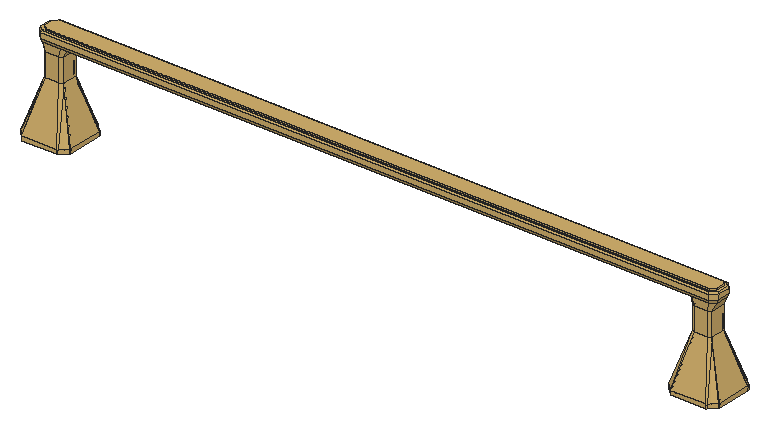
Revit family "Towel_Bar-DXV-Belshire-D35170240", category Specialty Equipment, host Face, Revit 2019
Family settings
  Host = Face
  Round Connector Dimension = Use Diameter
  Part Type = Normal
  OmniClass Number = 23.40.20.21.27
  OmniClass Title = Towel Bars
  Cut with Voids When Loaded = No
  Shared = Yes
  Room Calculation Point = No
Parameters (values of type "D35170240.427")
  Width = 24"
  URL = "https://www.dxv.com/en/"
  Type Comments = ""
  Product Page URL = "https://www.dxv.com/product/belshire-24in-towel-bar"
  Product Documentation Link = "https://dxv01.blob.core.windows.net/dxv-product-pdf-files/spec_D35170240_DXV_Belshire_24in_towelbar.pdf"
  Price = "Prices may vary. Please consult Manufacturer Representative for most up-to-date price list."  # constant formula
  Model = "D35170240.427"
  Material = "Metal-DXV-427-Satin Brass"
  Manufacturer = "DXV"
  Length = 3 9/16"
  Installation Type = "Wall Mount"
  Installation Instruction Link = "https://dxv01.blob.core.windows.net/dxv-product-pdf-files/spec_D35170240_DXV_Belshire_24in_towelbar.pdf"
  Height = 1 7/8"
  Finish = Metal-DXV-427-Satin Brass
  Description = "Belshire 24\" Towel Bar"
  Default Elevation = 40"
  Creation Date = "08/26/2021"  # constant formula
  Assembly Code = "C1030200"
Types (5): name | Product Page URL | Model | Material | Finish
  (no name) | "https://www.dxv.com/product/belshire-24in-towel-bar" | "D35170240.427" | "Metal-DXV-427-Satin Brass" | Metal-DXV-427-Satin Brass
  D35170240.100 | "https://www.dxv.com/product/belshire-24in-towel-bar" | "D35170240.100" | "Metal-DXV-100-Polished Chrome" | Metal-DXV-100-Polished Chrome
  D35170240.144 | "https://dxv01ahttps://www.dxv.com/product/belshire-24in-towel-bar.blob.core.windows.net/dxv-product-pdf-files/spec_D35170240_DXV_Belshire_24in_towelbar.pdf" | "D35170240.144" | "Metal-DXV-144-Brushed Nickel" | Metal-DXV-144-Brushed Nickel
  D35170240.150 | "https://www.dxv.com/product/belshire-24in-towel-bar" | "D35170240.150" | "Metal-DXV-150-Platinum Nickel" | Metal-DXV-150-Platinum Nickel
  D35170240.427 | "https://www.dxv.com/product/belshire-24in-towel-bar" | "D35170240.427" | "Metal-DXV-427-Satin Brass" | Metal-DXV-427-Satin Brass
Reference planes (in)
  plane 1 "Center (Front/Back)": y = 0
  plane 2: z = 0
  plane 3 "Center (Left/Right)": x = 0
  plane 4: y = 0.9375
  plane 5: y = -0.9375
  plane 6: y = 0.4375
  plane 7: y = -0.4375
  plane 8: z = 3.5625
  plane 9: x = 12
  plane 10: x = -12
  plane 11: x = -12.5625
  plane 12: x = 12.5625
  plane 13: z = 3.40444
  plane 14: x = -12.34818
  plane 15: x = -11.65182
  plane 16: x = -12.50287
  plane 17: y = -0.37787
  plane 18: y = 0.37787
  plane 19: y = -0.19405
  plane 20: y = 0.19405
  plane 21: x = -12.9375
  plane 22: x = -11.0625
  plane 23: x = 12.9375
  plane 24: x = 11.0625
Forms (in)
  Extrusion 1, solid, material "Metal-DXV-427-Satin Brass" <- "Finish"
    sketch origin (4.18172, 0, 0) x (1, 0, 0) y (0, 1, 0)
      loop
        line (-16.52547, 0.4375) -> (-16.74422, 0.21875) -> (-16.74422, -0.21875) -> (-16.52547, -0.4375) -> (8.16203, -0.4375) -> (8.38078, -0.21875) -> (8.38078, 0.21875) -> (8.16203, 0.4375) -> (-16.52547, 0.4375)
    from 3.5625 to 3.12732
  Sweep 2, void
    path in 3D
      loop
        line (-12.5625, 0.21875, 3.12732) -> (-12.34375, 0.4375, 3.12732) -> (0, 0.4375, 3.12732) -> (12.34375, 0.4375, 3.12732) -> (12.5625, 0.21875, 3.12732) -> (12.5625, -0.21875, 3.12732) -> (12.34375, -0.4375, 3.12732) -> (0, -0.4375, 3.12732) -> (-12.34375, -0.4375, 3.12732) -> (-12.5625, -0.21875, 3.12732) -> (-12.5625, 0.21875, 3.12732)
    profile origin (-12.5625, 0, 3.12732) x (1, 0, 0) y (0, 0, -1)
      loop
        line (0, 0) -> (0, -0.11906) -> (0.05963, 0) -> (0, 0)
  Blend 3, solid, material "Metal-DXV-427-Satin Brass" <- "Finish"
    base sketch origin (-12, -0.00027, -0.125) x (0, -1, 0) y (1, 0, 0)
      loop
        arc (0.65019, -0.9375) -> (0.66554, -0.93318) -> (0.67639, -0.92147) r 0.02944
        arc (0.67639, -0.92147) -> (0.77954, -0.77973) -> (0.92124, -0.67651) r 0.56391
        arc (0.92124, -0.67651) -> (0.93311, -0.6655) -> (0.9375, -0.64991) r 0.0299
        line (0.9375, -0.64991) -> (0.9375, 0.65173)
        arc (0.9375, 0.65173) -> (0.93393, 0.66652) -> (0.92401, 0.67806) r 0.03245
        arc (0.92401, 0.67806) -> (0.79115, 0.79103) -> (0.67817, 0.92386) r 1.08225
        arc (0.67817, 0.92386) -> (0.6665, 0.93389) -> (0.65154, 0.9375) r 0.03281
        line (0.65154, 0.9375) -> (-0.65111, 0.9375)
        arc (-0.65111, 0.9375) -> (-0.66593, 0.93351) -> (-0.67674, 0.92261) r 0.02951
        arc (-0.67674, 0.92261) -> (-0.78244, 0.78387) -> (-0.92086, 0.67775) r 0.65853
        arc (-0.92086, 0.67775) -> (-0.93304, 0.66561) -> (-0.9375, 0.649) r 0.03315
        line (-0.9375, 0.649) -> (-0.9375, -0.65067)
        arc (-0.9375, -0.65067) -> (-0.93351, -0.66605) -> (-0.92254, -0.67755) r 0.03165
        arc (-0.92254, -0.67755) -> (-0.7857, -0.78611) -> (-0.67725, -0.92303) r 0.76023
        arc (-0.67725, -0.92303) -> (-0.66614, -0.93364) -> (-0.65126, -0.9375) r 0.03058
        line (-0.65126, -0.9375) -> (0.65019, -0.9375)
    top sketch origin (-12, -0.00027, -0.125) x (0, -1, 0) y (1, 0, 0)
      loop
        arc (0.2772, -0.34818) -> (0.29489, -0.28952) -> (0.34008, -0.24814) r 0.11556
        line (0.34008, -0.24814) -> (0.34008, 0.24814)
        arc (0.34008, 0.24814) -> (0.29489, 0.28952) -> (0.2772, 0.34818) r 0.11556
        line (0.2772, 0.34818) -> (-0.27774, 0.34818)
        arc (-0.27774, 0.34818) -> (-0.30021, 0.28248) -> (-0.35629, 0.24152) r 0.11556
        line (-0.35629, 0.24152) -> (-0.35629, -0.24152)
        arc (-0.35629, -0.24152) -> (-0.30021, -0.28248) -> (-0.27774, -0.34818) r 0.11556
        line (-0.27774, -0.34818) -> (0.2772, -0.34818)
    from 0.26611 to 2.09333
  Extrusion 4, solid, material "Metal-DXV-427-Satin Brass" <- "Finish"
    sketch origin (-12, 0.00027, -0.21262) x (0, -1, 0) y (1, 0, 0)
      loop
        line (0.65208, 0.9375) -> (-0.65058, 0.9375)
        arc (-0.65058, 0.9375) -> (-0.6654, 0.93351) -> (-0.67621, 0.92261) r 0.02951
        arc (-0.67621, 0.92261) -> (-0.78191, 0.78387) -> (-0.92032, 0.67775) r 0.65853
        arc (-0.92032, 0.67775) -> (-0.9325, 0.66561) -> (-0.93696, 0.649) r 0.03315
        line (-0.93696, 0.649) -> (-0.93696, -0.65067)
        arc (-0.93696, -0.65067) -> (-0.93297, -0.66605) -> (-0.92201, -0.67755) r 0.03165
        arc (-0.92201, -0.67755) -> (-0.78517, -0.78611) -> (-0.67672, -0.92303) r 0.76023
        arc (-0.67672, -0.92303) -> (-0.6656, -0.93364) -> (-0.65072, -0.9375) r 0.03058
        line (-0.65072, -0.9375) -> (0.65072, -0.9375)
        arc (0.65072, -0.9375) -> (0.66608, -0.93318) -> (0.67693, -0.92147) r 0.02944
        arc (0.67693, -0.92147) -> (0.78008, -0.77973) -> (0.92177, -0.67651) r 0.56391
        arc (0.92177, -0.67651) -> (0.93365, -0.6655) -> (0.93804, -0.64991) r 0.0299
        line (0.93804, -0.64991) -> (0.93804, 0.65173)
        arc (0.93804, 0.65173) -> (0.93447, 0.66652) -> (0.92455, 0.67806) r 0.03245
        arc (0.92455, 0.67806) -> (0.79169, 0.79103) -> (0.67871, 0.92386) r 1.08225
        arc (0.67871, 0.92386) -> (0.66704, 0.93389) -> (0.65208, 0.9375) r 0.03281
    from 0.21262 to 0.35373
  Blend 5, solid, material "Metal-DXV-427-Satin Brass" <- "Finish"
    base sketch origin (0, 0, 5.64637) x (0, -1, 0) y (1, 0, 0)
      loop
        arc (-0.35602, -12.24152) -> (-0.29995, -12.28248) -> (-0.27747, -12.34818) r 0.11556
        line (-0.27747, -12.34818) -> (0.27747, -12.34818)
        arc (0.27747, -12.34818) -> (0.29515, -12.28952) -> (0.34034, -12.24814) r 0.11556
        line (0.34034, -12.24814) -> (0.34034, -11.75186)
        arc (0.34034, -11.75186) -> (0.29515, -11.71048) -> (0.27747, -11.65182) r 0.11556
        line (0.27747, -11.65182) -> (-0.27747, -11.65182)
        arc (-0.27747, -11.65182) -> (-0.29995, -11.71752) -> (-0.35602, -11.75848) r 0.11556
        line (-0.35602, -11.75848) -> (-0.35602, -12.24152)
    top sketch origin (0, 0, 5.64637) x (0, -1, 0) y (1, 0, 0)
      loop
        line (-0.37787, -12.31905) -> (-0.19405, -12.50287) -> (0.19405, -12.50287) -> (0.37787, -12.31905) -> (0.37787, -11.68095) -> (0.19978, -11.50287) -> (-0.19978, -11.50287) -> (-0.37787, -11.68095) -> (-0.37787, -12.31905)
    from -2.82481 to -2.51905
  Sweep 6, void
    path in 3D
      loop
        line (-12.5625, 0.21875, 3.5625) -> (-12.34375, 0.4375, 3.5625) -> (0, 0.4375, 3.5625) -> (12.34375, 0.4375, 3.5625) -> (12.5625, 0.21875, 3.5625) -> (12.5625, -0.21875, 3.5625) -> (12.34375, -0.4375, 3.5625) -> (0, -0.4375, 3.5625) -> (-12.34375, -0.4375, 3.5625) -> (-12.5625, -0.21875, 3.5625) -> (-12.5625, 0.21875, 3.5625)
    profile origin (-12.5625, 0, 3.5625) x (-1, 0, 0) y (0, 0, 1)
      loop
        line (-0.03553, -0.04814) -> (0, -0.11906) -> (0, 0) -> (-0.12734, 0) -> (-0.12734, -0.04814) -> (-0.03553, -0.04814)
  Blend 7, solid, material "Metal-DXV-427-Satin Brass" <- "Finish"
    base sketch origin (0, 0, 0) x (1, 0, 0) y (0, 1, 0)
      loop
        arc (-12.34818, -0.27747) -> (-12.28952, -0.29515) -> (-12.24814, -0.34034) r 0.11556
        line (-12.24814, -0.34034) -> (-11.75186, -0.34034)
        arc (-11.75186, -0.34034) -> (-11.71048, -0.29515) -> (-11.65182, -0.27747) r 0.11556
        line (-11.65182, -0.27747) -> (-11.65182, 0.27747)
        arc (-11.65182, 0.27747) -> (-11.71752, 0.29995) -> (-11.75848, 0.35602) r 0.11556
        line (-11.75848, 0.35602) -> (-12.24152, 0.35602)
        arc (-12.24152, 0.35602) -> (-12.28248, 0.29995) -> (-12.34818, 0.27747) r 0.11556
        line (-12.34818, 0.27747) -> (-12.34818, -0.27747)
    top sketch origin (0, 0, 0) x (1, 0, 0) y (0, 1, 0)
      loop
        arc (-11.75186, -0.34034) -> (-11.71048, -0.29515) -> (-11.65182, -0.27747) r 0.11556
        line (-11.65182, -0.27747) -> (-11.65182, 0.27747)
        arc (-11.65182, 0.27747) -> (-11.71752, 0.29995) -> (-11.75848, 0.35602) r 0.11556
        line (-11.75848, 0.35602) -> (-12.24152, 0.35602)
        arc (-12.24152, 0.35602) -> (-12.28248, 0.29995) -> (-12.34818, 0.27747) r 0.11556
        line (-12.34818, 0.27747) -> (-12.34818, -0.27747)
        arc (-12.34818, -0.27747) -> (-12.28952, -0.29515) -> (-12.24814, -0.34034) r 0.11556
        line (-12.24814, -0.34034) -> (-11.75186, -0.34034)
    from 1.96833 to 2.82156
  Blend 8, solid, material "Metal-DXV-427-Satin Brass" <- "Finish"
    base sketch origin (12, -0.00027, -0.125) x (0, -1, 0) y (1, 0, 0)
      loop
        line (0.65019, 0.9375) -> (-0.65126, 0.9375)
        arc (-0.65126, 0.9375) -> (-0.66614, 0.93364) -> (-0.67725, 0.92303) r 0.03058
        arc (-0.67725, 0.92303) -> (-0.7857, 0.78611) -> (-0.92254, 0.67755) r 0.76023
        arc (-0.92254, 0.67755) -> (-0.93351, 0.66605) -> (-0.9375, 0.65067) r 0.03165
        line (-0.9375, 0.65067) -> (-0.9375, -0.649)
        arc (-0.9375, -0.649) -> (-0.93304, -0.66561) -> (-0.92086, -0.67775) r 0.03315
        arc (-0.92086, -0.67775) -> (-0.78244, -0.78387) -> (-0.67674, -0.92261) r 0.65853
        arc (-0.67674, -0.92261) -> (-0.66593, -0.93351) -> (-0.65111, -0.9375) r 0.02951
        line (-0.65111, -0.9375) -> (0.65154, -0.9375)
        arc (0.65154, -0.9375) -> (0.6665, -0.93389) -> (0.67817, -0.92386) r 0.03281
        arc (0.67817, -0.92386) -> (0.79115, -0.79103) -> (0.92401, -0.67806) r 1.08225
        arc (0.92401, -0.67806) -> (0.93393, -0.66652) -> (0.9375, -0.65173) r 0.03245
        line (0.9375, -0.65173) -> (0.9375, 0.64991)
        arc (0.9375, 0.64991) -> (0.93311, 0.6655) -> (0.92124, 0.67651) r 0.0299
        arc (0.92124, 0.67651) -> (0.77954, 0.77973) -> (0.67639, 0.92147) r 0.56391
        arc (0.67639, 0.92147) -> (0.66554, 0.93318) -> (0.65019, 0.9375) r 0.02944
    top sketch origin (12, -0.00027, -0.125) x (0, -1, 0) y (1, 0, 0)
      loop
        line (0.2772, 0.34818) -> (-0.27774, 0.34818)
        arc (-0.27774, 0.34818) -> (-0.30021, 0.28248) -> (-0.35629, 0.24152) r 0.11556
        line (-0.35629, 0.24152) -> (-0.35629, -0.24152)
        arc (-0.35629, -0.24152) -> (-0.30021, -0.28248) -> (-0.27774, -0.34818) r 0.11556
        line (-0.27774, -0.34818) -> (0.2772, -0.34818)
        arc (0.2772, -0.34818) -> (0.29489, -0.28952) -> (0.34008, -0.24814) r 0.11556
        line (0.34008, -0.24814) -> (0.34008, 0.24814)
        arc (0.34008, 0.24814) -> (0.29489, 0.28952) -> (0.2772, 0.34818) r 0.11556
    from 0.26611 to 2.09333
  Extrusion 9, solid, material "Metal-DXV-427-Satin Brass" <- "Finish"
    sketch origin (12, 0.00027, -0.21262) x (0, -1, 0) y (1, 0, 0)
      loop
        arc (0.65208, -0.9375) -> (0.66704, -0.93389) -> (0.67871, -0.92386) r 0.03281
        arc (0.67871, -0.92386) -> (0.79169, -0.79103) -> (0.92455, -0.67806) r 1.08225
        arc (0.92455, -0.67806) -> (0.93447, -0.66652) -> (0.93804, -0.65173) r 0.03245
        line (0.93804, -0.65173) -> (0.93804, 0.64991)
        arc (0.93804, 0.64991) -> (0.93365, 0.6655) -> (0.92177, 0.67651) r 0.0299
        arc (0.92177, 0.67651) -> (0.78008, 0.77973) -> (0.67693, 0.92147) r 0.56391
        arc (0.67693, 0.92147) -> (0.66608, 0.93318) -> (0.65072, 0.9375) r 0.02944
        line (0.65072, 0.9375) -> (-0.65072, 0.9375)
        arc (-0.65072, 0.9375) -> (-0.6656, 0.93364) -> (-0.67672, 0.92303) r 0.03058
        arc (-0.67672, 0.92303) -> (-0.78517, 0.78611) -> (-0.92201, 0.67755) r 0.76023
        arc (-0.92201, 0.67755) -> (-0.93297, 0.66605) -> (-0.93696, 0.65067) r 0.03165
        line (-0.93696, 0.65067) -> (-0.93696, -0.649)
        arc (-0.93696, -0.649) -> (-0.9325, -0.66561) -> (-0.92032, -0.67775) r 0.03315
        arc (-0.92032, -0.67775) -> (-0.78191, -0.78387) -> (-0.67621, -0.92261) r 0.65853
        arc (-0.67621, -0.92261) -> (-0.6654, -0.93351) -> (-0.65058, -0.9375) r 0.02951
        line (-0.65058, -0.9375) -> (0.65208, -0.9375)
    from 0.21262 to 0.35373
  Blend 10, solid, material "Metal-DXV-427-Satin Brass" <- "Finish"
    base sketch origin (0, 0, 5.64637) x (0, 1, 0) y (-1, 0, 0)
      loop
        line (0.35602, -12.24152) -> (0.35602, -11.75848)
        arc (0.35602, -11.75848) -> (0.29995, -11.71752) -> (0.27747, -11.65182) r 0.11556
        line (0.27747, -11.65182) -> (-0.27747, -11.65182)
        arc (-0.27747, -11.65182) -> (-0.29515, -11.71048) -> (-0.34034, -11.75186) r 0.11556
        line (-0.34034, -11.75186) -> (-0.34034, -12.24814)
        arc (-0.34034, -12.24814) -> (-0.29515, -12.28952) -> (-0.27747, -12.34818) r 0.11556
        line (-0.27747, -12.34818) -> (0.27747, -12.34818)
        arc (0.27747, -12.34818) -> (0.29995, -12.28248) -> (0.35602, -12.24152) r 0.11556
    top sketch origin (0, 0, 5.64637) x (0, 1, 0) y (-1, 0, 0)
      loop
        line (0.37787, -12.31905) -> (0.37787, -11.68095) -> (0.19978, -11.50287) -> (-0.19978, -11.50287) -> (-0.37787, -11.68095) -> (-0.37787, -12.31905) -> (-0.19405, -12.50287) -> (0.19405, -12.50287) -> (0.37787, -12.31905)
    from -2.82481 to -2.51905
  Blend 11, solid, material "Metal-DXV-427-Satin Brass" <- "Finish"
    base sketch origin (0, 0, 0) x (-1, 0, 0) y (0, -1, 0)
      loop
        line (-12.34818, 0.27747) -> (-12.34818, -0.27747)
        arc (-12.34818, -0.27747) -> (-12.28248, -0.29995) -> (-12.24152, -0.35602) r 0.11556
        line (-12.24152, -0.35602) -> (-11.75848, -0.35602)
        arc (-11.75848, -0.35602) -> (-11.71752, -0.29995) -> (-11.65182, -0.27747) r 0.11556
        line (-11.65182, -0.27747) -> (-11.65182, 0.27747)
        arc (-11.65182, 0.27747) -> (-11.71048, 0.29515) -> (-11.75186, 0.34034) r 0.11556
        line (-11.75186, 0.34034) -> (-12.24814, 0.34034)
        arc (-12.24814, 0.34034) -> (-12.28952, 0.29515) -> (-12.34818, 0.27747) r 0.11556
    top sketch origin (0, 0, 0) x (-1, 0, 0) y (0, -1, 0)
      loop
        line (-11.75186, 0.34034) -> (-12.24814, 0.34034)
        arc (-12.24814, 0.34034) -> (-12.28952, 0.29515) -> (-12.34818, 0.27747) r 0.11556
        line (-12.34818, 0.27747) -> (-12.34818, -0.27747)
        arc (-12.34818, -0.27747) -> (-12.28248, -0.29995) -> (-12.24152, -0.35602) r 0.11556
        line (-12.24152, -0.35602) -> (-11.75848, -0.35602)
        arc (-11.75848, -0.35602) -> (-11.71752, -0.29995) -> (-11.65182, -0.27747) r 0.11556
        line (-11.65182, -0.27747) -> (-11.65182, 0.27747)
        arc (-11.65182, 0.27747) -> (-11.71048, 0.29515) -> (-11.75186, 0.34034) r 0.11556
    from 1.96833 to 2.82156
Cuts and joins
  Sweep 2, Sweep 6 cuts Extrusion 1
  joined: Extrusion 1, Blend 3, Extrusion 4, Blend 5, Blend 7
Lines and regions (in)
  Masking region 1
    outline origin (0, 0, 0) x (1, 0, 0) y (0, 0, 1)
      loop
        line (11.0625, 0) -> (12.9375, 0) -> (12.9375, 0.14111) -> (12.34818, 1.96833) -> (12.34818, 2.82156) -> (12.50287, 3.12732) -> (12.5625, 3.24638) -> (12.5625, 3.44344) -> (12.52697, 3.51436) -> (12.43516, 3.51436) -> (12.43516, 3.5625) -> (-12.43516, 3.5625) -> (-12.43516, 3.51436) -> (-12.52697, 3.51436) -> (-12.5625, 3.44344) -> (-12.5625, 3.24638) -> (-12.50287, 3.12732) -> (-12.34818, 2.82156) -> (-12.34818, 1.96833) -> (-12.9375, 0.14111) -> (-12.9375, 0) -> (-11.0625, 0) -> (-11.0625, 0.14111) -> (-11.65182, 1.96833) -> (-11.65182, 2.82156) -> (-11.50287, 3.12732) -> (11.50141, 3.12732) -> (11.65219, 2.82928) -> (11.65219, 1.96948) -> (11.0625, 0.14111) -> (11.0625, 0)
  sketch lines
    curve 1: line (-12.5625, -0.21875, 3.12732) -> (-12.5625, 0.21875, 3.12732)
    curve 2: line (-12.34375, -0.4375, 3.12732) -> (-12.5625, -0.21875, 3.12732)
    curve 3: line (12.34375, -0.4375, 3.12732) -> (0, -0.4375, 3.12732)
    curve 4: line (0, -0.4375, 3.12732) -> (-12.34375, -0.4375, 3.12732)
    curve 5: line (-12.5625, 0.21875, 3.12732) -> (-12.34375, 0.4375, 3.12732)
    curve 6: line (-12.34375, 0.4375, 3.12732) -> (0, 0.4375, 3.12732)
    curve 7: line (0, 0.4375, 3.12732) -> (12.34375, 0.4375, 3.12732)
    curve 8: line (12.34375, 0.4375, 3.12732) -> (12.5625, 0.21875, 3.12732)
    curve 9: line (12.5625, 0.21875, 3.12732) -> (12.5625, -0.21875, 3.12732)
    curve 10: line (12.5625, -0.21875, 3.12732) -> (12.34375, -0.4375, 3.12732)
    curve 11: line (-12.5625, -0.21875, 3.5625) -> (-12.5625, 0.21875, 3.5625)
    curve 12: line (-12.34375, -0.4375, 3.5625) -> (-12.5625, -0.21875, 3.5625)
    curve 13: line (12.34375, -0.4375, 3.5625) -> (0, -0.4375, 3.5625)
    curve 14: line (0, -0.4375, 3.5625) -> (-12.34375, -0.4375, 3.5625)
    curve 15: line (-12.5625, 0.21875, 3.5625) -> (-12.34375, 0.4375, 3.5625)
    curve 16: line (-12.34375, 0.4375, 3.5625) -> (0, 0.4375, 3.5625)
    curve 17: line (0, 0.4375, 3.5625) -> (12.34375, 0.4375, 3.5625)
    curve 18: line (12.34375, 0.4375, 3.5625) -> (12.5625, 0.21875, 3.5625)
    curve 19: line (12.5625, 0.21875, 3.5625) -> (12.5625, -0.21875, 3.5625)
    curve 20: line (12.5625, -0.21875, 3.5625) -> (12.34375, -0.4375, 3.5625)
  symbolic lines, detail levels medium+fine
    curve 21: line (12.50287, 0, 3.12732) -> (11.50287, 0, 3.12732)
    curve 22: line (-12.50287, 0, 3.12732) -> (-11.50287, 0, 3.12732)
    curve 23: line (-11.0625, 0, 0.14111) -> (-12.9375, 0, 0.14111)
    curve 24: line (12.9375, 0, 0.14111) -> (11.0625, 0, 0.14111)
    curve 25: line (12.34818, 0, 2.82156) -> (11.65182, 0, 2.82156)
    curve 26: line (-12.34818, 0, 2.82156) -> (-11.65182, 0, 2.82156)
  symbolic lines, detail levels fine
    curve 27: line (-12.52697, 0, 3.51436) -> (12.52697, 0, 3.51436)
    curve 28: line (12.5625, 0, 3.24638) -> (-12.5625, 0, 3.24638)
    curve 29: line (-11.75848, 0, 1.96833) -> (-11.75848, 0, 2.82156)
    curve 30: line (-12.24152, 0, 1.96833) -> (-12.24152, 0, 2.82156)
    curve 31: line (-11.351, 0, 0.14111) -> (-11.75848, 0, 1.96833)
    curve 32: line (-12.65067, 0, 0.14111) -> (-12.24152, 0, 1.96833)
    curve 33: line (-11.68095, 0, 3.12732) -> (-11.75848, 0, 2.82156)
    curve 34: line (-12.24152, 0, 2.82156) -> (-12.31905, 0, 3.12732)
    curve 35: line (12.24152, 0, 2.82156) -> (12.24152, 0, 1.96833)
    curve 36: line (12.24152, 0, 1.96833) -> (12.65067, 0, 0.14111)
    curve 37: line (11.75848, 0, 1.96833) -> (11.351, 0, 0.14111)
    curve 38: line (11.75848, 0, 2.82156) -> (11.75848, 0, 1.96833)
    curve 39: line (12.31905, 0, 3.12732) -> (12.24152, 0, 2.82156)
    curve 40: line (11.75848, 0, 2.82156) -> (11.68095, 0, 3.12732)
Dimensions and locks (in)
  equal spacing: plane 4, plane 1 "Center (Front/Back)", plane 5
  "Height": plane 4 to plane 5
  equal spacing: plane 7, plane 1 "Center (Front/Back)", plane 6
  locked: plane 6 to plane 7 at 0.875
  "Length": plane 2 to plane 8
  "Width": plane 10 to plane 9
  "Width": plane 9 to plane 10
  locked: plane 11 to plane 12 at 25.125
  plane 12 to plane 11 = 25 1/8"
  locked: plane 21 to plane 10 at 0.9375
  locked: plane 24 to plane 23 at 1.875
  locked: Extrusion 9 to Extrusion 9 at 1.875
  locked: cut or joined group of Extrusion 1, Sweep 2, Blend 3, Extrusion 4, Blend 5, Sweep 6, Blend 7 to cut or joined group of Extrusion 1, Sweep 2, Blend 3, Extrusion 4, Blend 5, Sweep 6, Blend 7 at 1.875
  locked: plane 21 to plane 22 at 1.875
  aligned and locked: plane 2 to host face
  aligned and locked: level to host face
  aligned and locked: Extrusion 1 sketch curve to plane 6
  aligned and locked: Extrusion 1 sketch curve to plane 7
  aligned and locked: plane 11 to Extrusion 1 sketch curve
  aligned and locked: Extrusion 1 sketch curve to plane 12
  aligned and locked: Blend 7 to Blend 5
  aligned and locked: Blend 7 to Blend 3
  aligned and locked: Extrusion 4 sketch curve to Blend 3  (x12)
  aligned and locked: Blend 10 to Blend 11
  aligned and locked: Blend 8 to Blend 11
  aligned and locked: Extrusion 9 sketch curve to Blend 8  (x12)
  aligned and locked: Extrusion 9 to Masking region 1 sketch curve
  aligned and locked: Masking region 1 sketch curve to cut or joined group of Extrusion 1, Sweep 2, Blend 3, Extrusion 4, Blend 5, Sweep 6, Blend 7  (x14)
  aligned and locked: cut or joined group of Extrusion 1, Sweep 2, Blend 3, Extrusion 4, Blend 5, Sweep 6, Blend 7 to Masking region 1 sketch curve  (x2)
  aligned and locked: curve 21 to Blend 10
  aligned and locked: curve 22 to cut or joined group of Extrusion 1, Sweep 2, Blend 3, Extrusion 4, Blend 5, Sweep 6, Blend 7
  aligned and locked: curve 24 to Extrusion 9
  aligned and locked: curve 25 to Blend 11
  aligned and locked: curve 27 to cut or joined group of Extrusion 1, Sweep 2, Blend 3, Extrusion 4, Blend 5, Sweep 6, Blend 7
  aligned and locked: curve 28 to cut or joined group of Extrusion 1, Sweep 2, Blend 3, Extrusion 4, Blend 5, Sweep 6, Blend 7
  aligned and locked: curve 29 to cut or joined group of Extrusion 1, Sweep 2, Blend 3, Extrusion 4, Blend 5, Sweep 6, Blend 7
  aligned and locked: curve 30 to cut or joined group of Extrusion 1, Sweep 2, Blend 3, Extrusion 4, Blend 5, Sweep 6, Blend 7
  aligned and locked: curve 31 to cut or joined group of Extrusion 1, Sweep 2, Blend 3, Extrusion 4, Blend 5, Sweep 6, Blend 7
  aligned and locked: curve 32 to cut or joined group of Extrusion 1, Sweep 2, Blend 3, Extrusion 4, Blend 5, Sweep 6, Blend 7
  aligned and locked: curve 33 to cut or joined group of Extrusion 1, Sweep 2, Blend 3, Extrusion 4, Blend 5, Sweep 6, Blend 7
  aligned and locked: curve 34 to cut or joined group of Extrusion 1, Sweep 2, Blend 3, Extrusion 4, Blend 5, Sweep 6, Blend 7
  aligned and locked: curve 35 to Blend 11
  aligned and locked: curve 36 to Blend 8
  aligned and locked: curve 37 to Blend 8
  aligned and locked: curve 38 to Blend 11
  aligned and locked: curve 39 to Blend 10
  aligned and locked: curve 40 to Blend 10
  aligned and locked: curve 26 to cut or joined group of Extrusion 1, Sweep 2, Blend 3, Extrusion 4, Blend 5, Sweep 6, Blend 7
  aligned and locked: Blend 8 sketch curve to plane 24
  aligned and locked: Blend 8 sketch curve to plane 23
  aligned and locked: plane 21 to Blend 3 sketch curve
  aligned and locked: plane 22 to Blend 3 sketch curve
  aligned and locked: Masking region 1 sketch curve to Blend 8
  aligned and locked: Masking region 1 sketch curve to curve 24
  aligned and locked: Masking region 1 sketch curve to curve 23
Automatic sketch dimensions
  host sketch curve to host sketch curve = 96"  (x2)
  Extrusion 1 sketch curve to plane 14 = 0.00443"  (x2)
  Extrusion 1 sketch curve to plane 12 = 7/32"  (x2)
  plane 19 to Extrusion 1 sketch curve = 0.0247"  (x2)
  Extrusion 1 sketch curve to plane 20 = 0.0247"  (x2)
  profile plane to Sweep 2 sketch curve = 0"
  Sweep 2 sketch curve to profile plane = 0"
  Sweep 2 sketch curve to profile plane = 0.05963"
  Sweep 2 sketch curve to profile plane = 0.11906"
  plane 4 to Blend 3 sketch curve = 0.3857"
  plane 4 to Blend 3 sketch curve = 0.31104"
  Blend 3 sketch curve to plane 4 = 0.00027"
  Blend 3 sketch curve to Blend 3 sketch curve = 0.03165"
  Blend 3 sketch curve to Blend 3 sketch curve = 0.03315"
  plane 6 to Blend 3 sketch curve = 0.21349"
  plane 6 to Blend 3 sketch curve = 0.21334"
  Blend 3 sketch curve to plane 7 = 0.21295"
  Blend 3 sketch curve to plane 7 = 0.21431"
  plane 5 to Blend 3 sketch curve = 0.03219"
  plane 5 to Blend 3 sketch curve = 0.02963"
  Blend 3 sketch curve to plane 5 = 0.00027"
  Blend 3 sketch curve to plane 5 = 0.24115"
  Blend 3 sketch curve to plane 5 = 0.61912"
  Blend 3 sketch curve to plane 11 = 0.76097"
  Blend 3 sketch curve to plane 11 = 0.61588"
  Blend 3 sketch curve to Blend 3 sketch curve = 0.02944"
  Blend 3 sketch curve to Blend 3 sketch curve = 0.03058"
  Blend 3 sketch curve to plane 11 = 0.08817"
  Blend 3 sketch curve to plane 11 = 0.08741"
  plane 15 to Blend 3 sketch curve = 0.30082"
  Blend 3 sketch curve to Blend 3 sketch curve = 0.25296"
  Blend 3 sketch curve to Blend 3 sketch curve = 0.259"
  Blend 3 sketch curve to Blend 3 sketch curve = 0.03281"
  Blend 3 sketch curve to Blend 3 sketch curve = 0.31131"
  Blend 3 sketch curve to Blend 3 sketch curve = 0.90463"
  Blend 3 sketch curve to Blend 3 sketch curve = 0"  (x4)
  Blend 3 sketch curve to plane 14 = 0"
  Blend 3 sketch curve to plane 15 = 0"
  plane 15 to Blend 3 sketch curve = 0.00283"  (x2)
  Blend 3 sketch curve to plane 18 = 0.01513"  (x2)
  plane 14 to Blend 3 sketch curve = 0.00283"  (x2)
  plane 18 to Blend 3 sketch curve = 0.02185"
  Blend 3 sketch curve to plane 20 = 0.08342"  (x2)
  plane 19 to Blend 3 sketch curve = 0.08342"  (x2)
  Blend 3 sketch curve to plane 17 = 0.03752"
  plane 17 to Blend 3 sketch curve = 0.01513"  (x2)
  Blend 5 sketch curve to plane 14 = 0"
  Blend 5 sketch curve to plane 15 = 0"
  plane 15 to Blend 5 sketch curve = 0.00283"  (x2)
  Blend 5 sketch curve to plane 18 = 0.01513"  (x2)
  plane 14 to Blend 5 sketch curve = 0.00283"  (x2)
  plane 18 to Blend 5 sketch curve = 0.02185"
  Blend 5 sketch curve to plane 20 = 0.08342"  (x2)
  plane 19 to Blend 5 sketch curve = 0.08342"  (x2)
  Blend 5 sketch curve to plane 17 = 0.03752"
  plane 17 to Blend 5 sketch curve = 0.01513"  (x2)
  plane 18 to Blend 5 sketch curve = 0"
  Blend 5 sketch curve to plane 16 = 0"
  plane 20 to Blend 5 sketch curve = 0"
  plane 19 to Blend 5 sketch curve = 0"
  plane 17 to Blend 5 sketch curve = 0"
  Blend 5 sketch curve to plane 20 = 0.00573"
  plane 19 to Blend 5 sketch curve = 0.00573"
  Blend 5 sketch curve to plane 14 = 0.02913"  (x2)
  Blend 5 sketch curve to plane 15 = 0.02913"  (x2)
  plane 15 to Blend 5 sketch curve = 0.14895"
  Sweep 6 sketch curve to profile plane = 0"  (x2)
  profile plane to Sweep 6 sketch curve = 0.03553"
  Sweep 6 sketch curve to Sweep 6 sketch curve = 0.09181"
  Sweep 6 sketch curve to Sweep 6 sketch curve = 0.04814"
  Sweep 6 sketch curve to Sweep 6 sketch curve = 0.07093"
  Blend 7 sketch curve to plane 14 = 0"  (x2)
  Blend 7 sketch curve to plane 15 = 0"  (x2)
  plane 14 to Blend 7 sketch curve = 0.00283"  (x4)
  Blend 7 sketch curve to plane 17 = 0.03752"  (x2)
  Blend 7 sketch curve to plane 14 = 0.10004"  (x2)
  plane 18 to Blend 7 sketch curve = 0.02185"  (x2)
  Blend 7 sketch curve to plane 14 = 0.10666"  (x2)
  Blend 7 sketch curve to plane 15 = 0.10666"  (x2)
  Blend 7 sketch curve to plane 15 = 0.10004"  (x2)
  plane 15 to Blend 7 sketch curve = 0.00283"  (x4)
  plane 17 to Blend 7 sketch curve = 0.01513"  (x4)
  plane 18 to Blend 7 sketch curve = 0.1004"  (x4)
  plane 4 to Blend 8 sketch curve = 0.3857"
  plane 4 to Blend 8 sketch curve = 0.31104"
  Blend 8 sketch curve to plane 4 = 0.00027"
  Blend 8 sketch curve to Blend 8 sketch curve = 0.03165"
  Blend 8 sketch curve to Blend 8 sketch curve = 0.03315"
  plane 6 to Blend 8 sketch curve = 0.21349"
  plane 6 to Blend 8 sketch curve = 0.21334"
  Blend 8 sketch curve to plane 7 = 0.21295"
  Blend 8 sketch curve to plane 7 = 0.21431"
  plane 5 to Blend 8 sketch curve = 0.03219"
  plane 5 to Blend 8 sketch curve = 0.02963"
  Blend 8 sketch curve to plane 5 = 0.00027"
  Blend 8 sketch curve to plane 5 = 0.24115"
  Blend 8 sketch curve to plane 5 = 0.61912"
  Blend 8 sketch curve to plane 9 = 1.55636"
  Blend 8 sketch curve to Blend 8 sketch curve = 0.31131"
  Blend 8 sketch curve to Blend 8 sketch curve = 0.02951"
  Blend 8 sketch curve to Blend 8 sketch curve = 0.03281"
  Blend 8 sketch curve to Blend 8 sketch curve = 0.27214"
  Blend 8 sketch curve to Blend 8 sketch curve = 0.27361"
  plane 12 to Blend 8 sketch curve = 0.08741"
  plane 12 to Blend 8 sketch curve = 0.08817"
  plane 12 to Blend 8 sketch curve = 0.34556"
  Blend 8 sketch curve to Blend 8 sketch curve = 0.03058"
  plane 12 to Blend 8 sketch curve = 0.61588"
  plane 12 to Blend 8 sketch curve = 0.76097"
  Blend 8 sketch curve to Blend 8 sketch curve = 0"  (x4)
  Blend 8 sketch curve to plane 18 = 0.01513"  (x2)
  plane 18 to Blend 8 sketch curve = 0.02185"
  Blend 8 sketch curve to plane 20 = 0.08342"  (x2)
  plane 19 to Blend 8 sketch curve = 0.08342"  (x2)
  Blend 8 sketch curve to plane 17 = 0.03752"
  plane 17 to Blend 8 sketch curve = 0.01513"  (x2)
  Blend 8 sketch curve to plane 9 = 0.35101"  (x2)
  Blend 8 sketch curve to Blend 8 sketch curve = 0.00283"
  plane 9 to Blend 8 sketch curve = 0.24152"
  plane 9 to Blend 8 sketch curve = 0.24814"
  Blend 8 sketch curve to Blend 8 sketch curve = 0.10666"
  plane 17 to Blend 10 sketch curve = 0.01513"  (x2)
  Blend 10 sketch curve to plane 17 = 0.03752"
  plane 19 to Blend 10 sketch curve = 0.08342"  (x2)
  Blend 10 sketch curve to plane 20 = 0.08342"  (x2)
  plane 18 to Blend 10 sketch curve = 0.02185"
  Blend 10 sketch curve to plane 18 = 0.01513"  (x2)
  Blend 10 sketch curve to plane 12 = 0.21149"  (x2)
  Blend 10 sketch curve to Blend 10 sketch curve = 0.00283"
  Blend 10 sketch curve to plane 9 = 0.24152"
  Blend 10 sketch curve to plane 9 = 0.24814"
  Blend 10 sketch curve to Blend 10 sketch curve = 0.10004"
  plane 17 to Blend 10 sketch curve = 0"
  plane 19 to Blend 10 sketch curve = 0"
  plane 20 to Blend 10 sketch curve = 0"
  plane 18 to Blend 10 sketch curve = 0"
  plane 19 to Blend 10 sketch curve = 0.00573"
  Blend 10 sketch curve to plane 20 = 0.00573"
  Blend 10 sketch curve to plane 12 = 0.05963"
  Blend 10 sketch curve to plane 12 = 0.24345"  (x2)
  Blend 10 sketch curve to plane 9 = 0.31905"  (x2)
  Blend 10 sketch curve to Blend 10 sketch curve = 0.17809"
  Blend 11 sketch curve to plane 17 = 0.01513"  (x4)
  plane 12 to Blend 11 sketch curve = 0.21149"  (x4)
  plane 18 to Blend 11 sketch curve = 0.01513"  (x4)
  Blend 11 sketch curve to Blend 11 sketch curve = 0.00283"  (x3)
  plane 17 to Blend 11 sketch curve = 0.03752"  (x2)
  Blend 11 sketch curve to Blend 11 sketch curve = 0.10287"  (x4)
  Blend 11 sketch curve to plane 18 = 0.02185"  (x2)
  Blend 11 sketch curve to Blend 11 sketch curve = 0.10949"  (x3)
  plane 9 to Blend 11 sketch curve = 0.24152"  (x2)
  plane 9 to Blend 11 sketch curve = 0.24814"  (x2)
  Blend 11 sketch curve to Blend 11 sketch curve = 0.10666"  (x2)
  Masking region 1 sketch curve to plane 21 = 0"
  Masking region 1 sketch curve to plane 24 = 0"
  plane 24 to Masking region 1 sketch curve = 0.43891"
  Masking region 1 sketch curve to plane 9 = 0.34781"
  Masking region 1 sketch curve to plane 12 = 0.21432"
  Masking region 1 sketch curve to plane 12 = 0.05963"
  Masking region 1 sketch curve to plane 12 = 0.03553"
  level to Masking region 1 sketch curve = 0.14111"  (x2)
  Masking region 1 sketch curve to Masking region 1 sketch curve = 0.14111"
  Masking region 1 sketch curve to Masking region 1 sketch curve = 0.85323"
  Masking region 1 sketch curve to Masking region 1 sketch curve = 0"
  Masking region 1 sketch curve to Masking region 1 sketch curve = 0.00115"
  Masking region 1 sketch curve to Masking region 1 sketch curve = 0.30576"
  Masking region 1 sketch curve to Masking region 1 sketch curve = 0.29804"
  curve 23 to plane 21 = 0"
  curve 28 to plane 11 = 0"
  curve 22 to plane 16 = 0"
  curve 26 to plane 14 = 0"
  curve 26 to plane 15 = 0"
  plane 22 to curve 23 = 0"
  curve 24 to plane 24 = 0"
  curve 28 to plane 12 = 0"
  plane 23 to curve 24 = 0"
  curve 32 to plane 11 = 0.08817"
  plane 16 to curve 27 = 0.02411"
  plane 15 to curve 22 = 0.14895"
  curve 21 to curve 40 = 0.17809"
  curve 25 to curve 40 = 0.10666"
  curve 39 to curve 25 = 0.10666"
  curve 21 to plane 12 = 0.05963"
  curve 27 to plane 12 = 0.03553"
